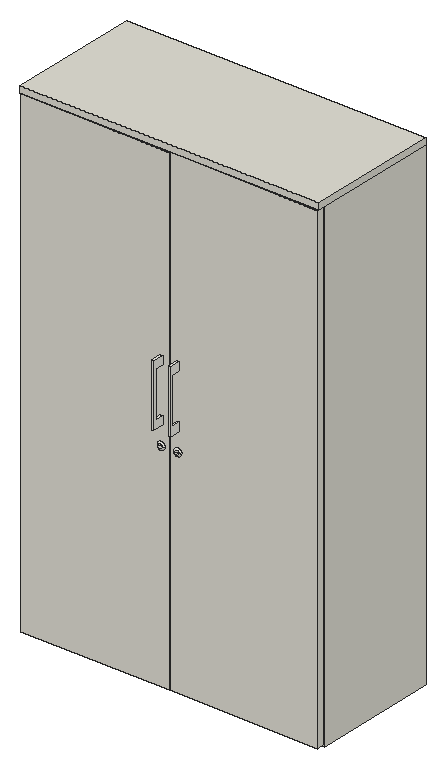
Revit family "Haworth_BeHold_StackOnStorage", category Furniture Systems, Revit 2018
Family settings
  Round Connector Dimension = Use Diameter
  Part Type = Normal
  OmniClass Number = 23.40.70.14.64.21
  OmniClass Title = Systems Furniture
  Work Plane-Based = No
  Always vertical = Yes
  Cut with Voids When Loaded = No
  Shared = No
  Room Calculation Point = No
Parameters (values of type "59h 36w")
  Wing Pull = no
  Width = 36.00"
  Warranty = "http://www.haworth.com/resources/product-info/warranties"
  URL - Product = ""
  URL = "www.haworth.com"
  Sustainability Info = "https://www.haworth.com/company-info/sustainability"
  Standard Widths = "18-36 in. @ 6 in. increments"  # constant formula
  Standard Height = "20-59 in."  # constant formula
  Size = "Verify Final Dim. w/ Haworth"  # constant formula
  Single Door = no
  Shelf Width = Actual Width - (Panel Thickness * 2)  # 34.50"
  Shelf Height 3 = if(Actual Height < 28.00", 15.25", if(Actual Height < 36.00", 15.25", if(Actual Height < 44.00", 15.25", if(Actual Height < 52.00", 15.25", 15.25"))))  # 15.25"
  Shelf Height 2 = if(Actual Height = 36.00", 15.25", if(Actual Height = 43.00", 11.94", if(Actual Height < 54.00", 15.25", 11.94")))  # 11.94"
  Shelf Height 1 = if(Actual Height < 24.00", 3.63", if(Actual Height < 30.00", 10.44", if(Actual Height < 36.00", 18.44", if(Actual Height < 43.00", 12.75", if(Actual Height = 44.00", 10.44", if(Actual Height < 54.00", 18.44", 12.75"))))))  # 12.75"
  Shelf Depth = Actual Depth - Panel Thickness  # 15.25"
  Revision Number = "1"  # constant formula
  Pull Height = if(Height < 27.00", 10.00", 32.00")  # 32.00"
  Pull Finish = Haworth _ Paint _ Smooth Plaster
  Proud Style = not(Inset Style)  # no
  Panel Thickness = 0.75"  # constant formula
  No Pull = no
  Mounting Height = 22.00"
  Model = "Haworth Be_Hold"  # constant formula
  Min. Width = 18.00"  # constant formula
  Min. Height = 20.00"  # constant formula
  Max. Width = 36.00"  # constant formula
  Max. Height = 59.00"  # constant formula
  Manufacturer = "Haworth"  # constant formula
  Lock Height = if(Height < 27.00", 5.00", 26.00")  # 26.00"
  Linear Pull = yes
  Inset Style Width = Actual Depth - 0.19"  # 15.81"
  Inset Style = yes
  Height = 59.00"
  Double Doors = not(Single Door)  # yes
  Single Door Width = Actual Width  # 36.00"
  Double Door Width = (Actual Width - 0.25") / 2  # 17.875"
  Door Height = Actual Height - 1.05"  # 57.95"
  Description = "Haworth - Be_Hold - Upper Storage - Stack on Bookcase"
  Custom Size = not(and(or(Height = 20.00", Height = 27.00", Height = 28.00", Height = 35.00", Height = 36.00", Height = 43.00", Height = 44.00", Height = 51.00", Height = 52.00", Height = 59.00")))  # no
  Cresent Pull = no
  Classic Pull = no
  Cabinet Finish = Haworth _ Laminate _ Beige H-34
  Blade Pull = not(or(Linear Pull, Classic Pull, Wing Pull, Cresent Pull, No Pull))  # no
  Base Height = 0.75"  # constant formula
  Author = "Haworth (Abd Rahman)"  # constant formula
  Assembly Code = "E2020200"
  Actual Width = if(Width < Min. Width, Min. Width, if(Width > Max. Width, Max. Width, Width))  # 36.00"
  Actual Shelf 3 = Actual Height > 52.00"  # yes
  Actual Shelf 2 = Actual Height > 35.00"  # yes
  Actual Shelf 1 = Actual Height < 60.00"  # yes
  Actual Height = if(Height > Max. Height, Max. Height, if(Height < Min. Height, Min. Height, Height))  # 59.00"
  Actual Depth = 16.00"  # constant formula
  Standard Depths = "16"  # constant formula
Types (2): name | Width | Single Door | Shelf Width | Double Doors | Single Door Width | Double Door Width | Actual Width
  59h 36w | 36.00" | no | 34.50" | yes | 36.00" | 17.875" | 36.00"
  59h 18w | 18.00" | yes | 16.50" | no | 18.00" | 8.875" | 18.00"
Reference planes (in)
  plane 1: z = 0
  plane 2 "Center L/R": x = -6.17556
  plane 3 "Center F/B": y = -11.5
  plane 4 "Top": z = 22
  plane 5 "Back": y = -3.5
  plane 6 "Front": y = -19.5
  plane 7 "Right": x = 11.82444
  plane 8 "Left": x = -24.17556
  plane 9: z = 81
  plane 10: x = 11.07444
  plane 11: x = -23.42556
  plane 12: z = 80.25
  plane 13: z = 22.75
  plane 14: y = -4.25
  plane 15: z = 64.94
  plane 16: z = 48.94
  plane 17: z = 36.25
  plane 18: z = 35.5
  plane 19: z = 48.19
  plane 20: z = 64.19
  plane 21: y = -3.6875
  plane 22: y = -18.72441
  plane 23: z = 80.125
  plane 24: z = 22.165
Forms (in)
  Extrusion 1, solid, material "Haworth _ Laminate _ Beige H-34" <- "Cabinet Finish"
    sketch origin (0, 0, 0) x (1, 0, 0) y (0, 1, 0)
      loop
        line (-24.17556, -3.5) -> (-24.17556, -18.72441) -> (-23.42556, -18.72441) -> (-23.42556, -3.5) -> (-24.17556, -3.5)
      loop
        line (11.82444, -18.72441) -> (11.82444, -3.5) -> (11.07444, -3.5) -> (11.07444, -18.72441) -> (11.82444, -18.72441)
    from 22 to 80.25
  Extrusion 2, solid, material "Haworth _ Laminate _ Beige H-34" <- "Cabinet Finish", visible <- "Proud Style"
    sketch origin (7, -12, 0) x (1, 0, 0) y (0, 1, 0)
      loop
        line (-30.42556, 8.5) -> (-30.42556, -6.72441) -> (4.07444, -6.72441) -> (4.07444, 8.5) -> (-30.42556, 8.5)
    from 80.25 to 81
  Extrusion 3, solid, material "Haworth _ Laminate _ Beige H-34" <- "Cabinet Finish"
    sketch origin (0, 0, -58.25) x (1, 0, 0) y (0, 1, 0)
      loop
        line (-24.17556, -3.6875) -> (-24.17556, -18.72441) -> (11.82444, -18.72441) -> (11.82444, -3.6875) -> (-24.17556, -3.6875)
    from 80.25 to 81
  Extrusion 4, solid, material "Haworth _ Laminate _ Beige H-34" <- "Cabinet Finish", visible <- "Proud Style"
    sketch origin (-17.1098, 32.76663, 0) x (1, 0, 0) y (0, 1, 0)
      loop
        line (-6.31576, -36.26663) -> (-6.31576, -37.01663) -> (28.18424, -37.01663) -> (28.18424, -36.26663) -> (-6.31576, -36.26663)
    from 22 to 80.25
  Extrusion 5, solid, material "Haworth _ Laminate _ Beige H-34" <- "Cabinet Finish"
    sketch origin (0, -0.375, 0) x (1, 0, 0) y (0, 1, 0)
      loop
        line (-23.42556, -3.3125) -> (-23.42556, -4.0625) -> (11.07444, -4.0625) -> (11.07444, -3.3125) -> (-23.42556, -3.3125)
    from 22 to 80.25
  Extrusion 6, solid, material "Haworth _ Laminate _ Beige H-34" <- "Cabinet Finish"
    sketch origin (7, -12, 6) x (1, 0, 0) y (0, 1, 0)
      loop
        line (-31.17556, 8.5) -> (-31.17556, -7.5) -> (4.82444, -7.5) -> (4.82444, 8.5) -> (-31.17556, 8.5)
    from 74.25 to 75
Cuts and joins
  joined: Extrusion 1, Extrusion 3, Extrusion 5
Lines and regions (in)
  Masking region 1, visible <- "Proud Style"
    outline origin (0, 0, 0) x (1, 0, 0) y (0, 1, 0)
      loop
        line (-24.17556, -3.5) -> (-24.17556, -18.72441) -> (11.82444, -18.72441) -> (11.82444, -3.5) -> (-24.17556, -3.5)
  Masking region 2, visible <- "Inset Style"
    outline origin (0, 0, 0) x (1, 0, 0) y (0, 1, 0)
      loop
        line (11.82444, -19.5) -> (11.82444, -3.5) -> (11.07444, -3.5) -> (11.07444, -3.6875) -> (-23.42556, -3.6875) -> (-23.42556, -3.5) -> (-24.17556, -3.5) -> (-24.17556, -19.5) -> (11.82444, -19.5)
      loop
        line (-23.42556, -4.25) -> (-23.42556, -19.125) -> (11.07444, -19.125) -> (11.07444, -4.25) -> (-23.42556, -4.25)
  symbolic lines, style "Haworth", visible <- "Proud Style"
    curve 1: line (-23.42556, -3.875, 0) -> (11.07444, -3.875, 0)
    curve 2: line (-23.42556, -19.125, 0) -> (-23.42556, -3.875, 0)
    curve 3: line (11.07444, -19.125, 0) -> (-23.42556, -19.125, 0)
    curve 4: line (11.07444, -3.875, 0) -> (11.07444, -19.125, 0)
    curve 5: line (-23.42556, -3.5, 0) -> (-23.42556, -3.875, 0)
    curve 8: line (11.07444, -3.875, 0) -> (11.07444, -3.5, 0)
  symbolic lines, style "Haworth"
    curve 6: line (-23.42556, -19.125, 0) -> (-23.42556, -19.5, 0)
    curve 7: line (11.07444, -19.125, 0) -> (11.07444, -19.5, 0)
  symbolic lines, style "Haworth", visible <- "Inset Style"
    curve 9: line (-23.42556, -3.6875, 0) -> (-23.42556, -4.4375, 0)
    curve 10: line (11.07444, -3.6875, 0) -> (11.07444, -4.4375, 0)
Dimensions and locks (in)
  equal spacing: plane 8 "Left", plane 2 "Center L/R", plane 7 "Right"
  "Actual Width": plane 8 "Left" to plane 7 "Right"
  equal spacing: plane 5 "Back", plane 3 "Center F/B", plane 6 "Front"
  "Actual Depth": plane 5 "Back" to plane 6 "Front"
  "Actual Height": plane 9 to plane 4 "Top"
  "Mounting Height": plane 4 "Top" to level
  "Panel Thickness": plane 9 to plane 12
  "Base Height": plane 13 to plane 4 "Top"
  "Panel Thickness": plane 10 to plane 7 "Right"
  "Panel Thickness": plane 8 "Left" to plane 11
  "Panel Thickness": plane 14 to plane 5 "Back"
  "Shelf Height 1": plane 18 to plane 13
  "Shelf Height 2": plane 19 to plane 17
  "Shelf Height 3": plane 20 to plane 16
  locked: plane 15 to plane 20 at 0.75
  locked: plane 16 to plane 19 at 0.75
  locked: plane 17 to plane 18 at 0.75
  plane 12 to plane 23 = 0.125"
  plane 24 to plane 4 "Top" = 0.165"
  aligned and locked: plane 2 "Center L/R" to nested 1
  aligned and locked: plane 3 "Center F/B" to nested 1
  aligned and locked: plane 2 "Center L/R" to nested 2
  aligned and locked: plane 3 "Center F/B" to nested 2
  aligned and locked: plane 2 "Center L/R" to nested 3
  aligned and locked: plane 3 "Center F/B" to nested 3
  aligned and locked: plane 17 to nested 1
  aligned and locked: plane 16 to nested 3
  aligned and locked: plane 15 to nested 2
  aligned and locked: nested 1 to plane 18
  aligned and locked: nested 1 to plane 17
  aligned and locked: nested 3 to plane 19
  aligned and locked: nested 3 to plane 16
  aligned and locked: nested 2 to plane 20
  aligned and locked: nested 2 to plane 15
  aligned and locked: Extrusion 1 sketch curve to plane 7 "Right"
  aligned and locked: Extrusion 1 sketch curve to plane 5 "Back"  (x2)
  aligned and locked: plane 10 to Extrusion 1 sketch curve
  aligned and locked: plane 8 "Left" to Extrusion 1 sketch curve
  aligned and locked: plane 11 to Extrusion 1 sketch curve
  aligned and locked: Extrusion 2 to plane 9
  aligned and locked: Extrusion 2 to plane 12
  aligned and locked: Extrusion 1 to plane 4 "Top"
  aligned and locked: Extrusion 3 to plane 13
  aligned and locked: Extrusion 3 to plane 4 "Top"
  aligned and locked: plane 12 to Extrusion 5
  aligned and locked: plane 12 to Extrusion 4
  aligned and locked: plane 21 to Extrusion 5
  aligned and locked: Extrusion 2 sketch curve to plane 11
  aligned and locked: Extrusion 2 sketch curve to plane 10
  aligned and locked: plane 5 "Back" to Extrusion 2
  aligned and locked: Extrusion 6 to plane 12
  aligned and locked: Extrusion 6 to plane 9
  aligned and locked: plane 5 "Back" to Extrusion 6
  aligned and locked: Extrusion 3 sketch curve to plane 21
  aligned and locked: Extrusion 4 to plane 4 "Top"
  aligned and locked: Extrusion 5 to plane 4 "Top"
  aligned and locked: plane 10 to Extrusion 4
  aligned and locked: plane 11 to Extrusion 4
  aligned and locked: Masking region 1 sketch curve to cut or joined group of Extrusion 1, Extrusion 3, Extrusion 5  (x4)
  aligned and locked: curve 1 to nested 1
  aligned and locked: curve 2 to nested 1
  aligned and locked: curve 3 to nested 1
  aligned and locked: curve 4 to nested 1
  aligned and locked: curve 5 to cut or joined group of Extrusion 1, Extrusion 3, Extrusion 5
  aligned and locked: Masking region 2 sketch curve to cut or joined group of Extrusion 1, Extrusion 3, Extrusion 5  (x2)
  aligned and locked: Masking region 2 sketch curve to plane 21
  aligned and locked: plane 11 to curve 9
  aligned and locked: curve 7 to plane 10
  aligned and locked: curve 10 to plane 10
  aligned and locked: plane 5 "Back" to Masking region 2  (x2)
  aligned and locked: cut or joined group of Extrusion 1, Extrusion 3, Extrusion 5 to plane 8 "Left"
  aligned and locked: plane 7 "Right" to cut or joined group of Extrusion 1, Extrusion 3, Extrusion 5
  aligned and locked: Masking region 2 to plane 6 "Front"
  aligned and locked: plane 6 "Front" to nested 4
  aligned and locked: Extrusion 1 sketch curve to plane 22  (x2)
  aligned and locked: plane 12 to cut or joined group of Extrusion 1, Extrusion 3, Extrusion 5
  aligned and locked: plane 8 "Left" to Extrusion 6 sketch curve
  aligned and locked: Extrusion 6 sketch curve to plane 7 "Right"
  aligned and locked: nested 6 to plane 6 "Front"
  aligned and locked: plane 6 "Front" to nested 5
  aligned and locked: plane 22 to cut or joined group of Extrusion 1, Extrusion 3, Extrusion 5
  aligned and locked: plane 2 "Center L/R" to nested 6
  aligned and locked: plane 24 to nested 5
  aligned and locked: plane 2 "Center L/R" to nested 4
  aligned and locked: plane 2 "Center L/R" to nested 5
  aligned and locked: nested 6 to plane 23  (x2)
  aligned and locked: plane 23 to nested 4
Automatic sketch dimensions
  plane 6 "Front" to Extrusion 3 sketch curve = 0.77559"
  Extrusion 3 sketch curve to plane 8 "Left" = 0.00"
  Extrusion 3 sketch curve to plane 7 "Right" = 0.00"
  curve 7 to plane 6 "Front" = 0.00"
  curve 6 to plane 6 "Front" = 0.00"
  curve 10 to plane 21 = 0.00"
  curve 9 to plane 21 = 0.00"
  curve 8 to plane 5 "Back" = 0.00"
  curve 5 to plane 5 "Back" = 0.00"
  plane 14 to curve 9 = 0.1875"
  plane 14 to curve 10 = 0.1875"
  Extrusion 2 sketch curve to plane 5 "Back" = 0.00"
  Extrusion 4 sketch curve to plane 11 = 0.00"
  Extrusion 4 sketch curve to plane 10 = 0.00"
  plane 14 to Extrusion 4 sketch curve = 0.00"
  Extrusion 4 sketch curve to plane 5 "Back" = 0.00"
  Extrusion 5 sketch curve to plane 11 = 0.00"
  Extrusion 5 sketch curve to plane 10 = 0.00"
  Extrusion 5 sketch curve to plane 21 = 0.00"
  plane 14 to Extrusion 5 sketch curve = 0.1875"
  Extrusion 6 sketch curve to plane 6 "Front" = 0.00"
  Extrusion 6 sketch curve to plane 5 "Back" = 0.00"
  Masking region 2 sketch curve to plane 11 = 0.00"  (x2)
  Masking region 2 sketch curve to plane 10 = 0.00"  (x2)
  plane 14 to Masking region 2 sketch curve = 0.00"
  plane 5 "Back" to Masking region 2 sketch curve = 0.00"
  Masking region 2 sketch curve to plane 5 "Back" = 0.00"
  plane 6 "Front" to Masking region 2 sketch curve = 0.375"
  plane 22 to Extrusion 2 sketch curve = 0.00"
  Masking region 2 sketch curve to plane 6 "Front" = 0.00"
Nested families (in)
  nested 1: "Haworth_Shelf" at (-14.42556, -15.75, 35.5), type "Haworth_Shelf"
    with Shelf Depth 15.25"
  nested 2: "Haworth_Shelf" at (-14.42556, -15.75, 64.19), visible <- "Actual Shelf 3", type "Haworth_Shelf"
    with Shelf Depth 15.25"
  nested 3: "Haworth_Shelf" at (-14.42556, -15.75, 48.19), visible <- "Actual Shelf 2", type "Haworth_Shelf"
    with Shelf Depth 15.25"
  nested 4: "Haworth_BeHold_Door_Hinged_PART" at (1.58174, -19.09476, 22.175), visible <- "Double Doors", type "Door - Double"
    with Wing Pull Act no, Wing Pull no, Lock Top Offset 26.00", Lock Side Offset 1.00", Linear Pull Act yes, Linear Pull yes, Pull Offset Centerline 1.00", Pull Height Centerline 32.00", Door Width 17.875", Door Height 57.95"
  nested 5: "Haworth_BeHold_Door_Hinged_PART" at (-13.93285, -19.09476, 22.165) x (-1, 0, 0) z (0, 0, 1), visible <- "Double Doors", type "Door - Double"
    with Wing Pull Act no, Wing Pull no, Lock Top Offset 26.00", Lock Side Offset 1.00", Linear Pull Act yes, Linear Pull yes, Pull Offset Centerline 1.00", Pull Height Centerline 32.00", Door Width 17.875", Door Height 57.95"
  nested 6: "Haworth_BeHold_Door_Hinged_PART" at (-4.99535, -19.09476, 22.175) x (-1, 0, 0) z (0, 0, 1), visible <- "Single Door", type "Door"
    with Wing Pull Act no, Wing Pull no, Lock Top Offset 26.00", Lock Side Offset 1.00", Linear Pull Act yes, Linear Pull yes, Pull Offset Centerline 1.00", Pull Height Centerline 32.00", Door Width 36.00", Door Height 57.95"
Definition of nested family "Haworth_Shelf"
  Parameters (values of type "Haworth_Shelf")
    Warranty = ""
    URL - Product = ""
    URL = "www.haworth.com"
    Sustainability Info = ""
    Size = "Verify Final Dim. w/ Haworth"  # constant formula
    Shelf Width = 34.50"
    Shelf Thickness = 0.75"
    Shelf Finish = none
    Shelf Depth = 13.25"
    Revision Number = ""
    OmniClass Number = ""
    Material Options = ""
    Manufacturer = "Haworth"  # constant formula
    LEED Data = ""
    Author = "SHAPE Environments, LLC"  # constant formula
    Assembly Code = ""
  Reference planes (in)
    plane 1 "Center F/B": y = 4.25
    plane 2: z = 0
    plane 3 "Center L/R": x = 8.25
    plane 4 "Panel Left": x = -9
    plane 5 "Panel Right": x = 25.5
    plane 6 "Panel Back": y = 10.875
    plane 7 "Panel Front": y = -2.375
    plane 8 "Panel Top": z = 0.75
    plane 9 "Center (T/B)": z = 0.375
  Forms (in)
    Extrusion 1, solid, material <- "Shelf Finish"
      sketch origin (0, 0, 0) x (1, 0, 0) y (0, 1, 0)
        loop
          line (-9, 10.875) -> (-9, -2.375) -> (25.5, -2.375) -> (25.5, 10.875) -> (-9, 10.875)
      from 0 to 0.75
  Dimensions and locks (in)
    equal spacing: plane 6 "Panel Back", plane 1 "Center F/B", plane 7 "Panel Front"
    "Shelf Depth": plane 6 "Panel Back" to plane 7 "Panel Front"
    equal spacing: plane 4 "Panel Left", plane 3 "Center L/R", plane 5 "Panel Right"
    "Shelf Width": plane 4 "Panel Left" to plane 5 "Panel Right"
    "Shelf Thickness": plane 8 "Panel Top" to level
    equal spacing: plane 8 "Panel Top", plane 9 "Center (T/B)", level
    aligned and locked: plane 4 "Panel Left" to Extrusion 1 sketch curve
    aligned and locked: Extrusion 1 sketch curve to plane 6 "Panel Back"
    aligned and locked: Extrusion 1 sketch curve to plane 7 "Panel Front"
    aligned and locked: Extrusion 1 sketch curve to plane 5 "Panel Right"
    aligned and locked: plane 8 "Panel Top" to Extrusion 1
Definition of nested family "Haworth_BeHold_Door_Hinged_PART"
  Parameters (values of type "Door")
    With Lock [instance] = yes
    Wing Pull Length = 16.75"
    Wing Pull Act = and(Wing Pull, not(Touch Latch))  # yes
    Wing Pull = yes
    Warranty = "https://www.haworth.com/resources/product-info/warranties"
    URL - Product = ""
    URL = "www.haworth.com"
    Trim Finish = none
    Touch Latch = no
    Revision Number = "1"  # constant formula
    Pull Finish = none
    Note = "Verify Final Dim. w/ Haworth"  # constant formula
    Model = "Haworth Be_Hold"  # constant formula
    Lock Top Offset = 29.1875"
    Lock Side Offset = 2.3125"
    Linear Pull Length = 7.50"
    Linear Pull Act = and(Linear Pull, not(Touch Latch))  # no
    Linear Pull = no
    Front Finish = none
    Front Edge Finish = none
    Description = "Haworth - Be_Hold - Door Part"
    Crescent Pull Act = and(Crescent Pull, not(Touch Latch))  # no
    Crescent Pull = no
    Classic Pull Length = 7.50"
    Classic Pull = no
    Classic Pull Act = and(Classic Pull, not(Touch Latch))  # no
    Assembly Code = ""
    Pull Offset Centerline = 0.00"
    Pull Height Centerline = 31.35547"
    Door Width = 11.875"
    Door Height = 62.71094"
    Door Depth = 0.75"
    Manufacturer = "Haworth"  # constant formula
    Author = "Haworth (Alias)"  # constant formula
  Reference planes (in)
    plane 1 "Center F/B": y = -0.03024
    plane 2: z = 0
    plane 3 "Center L/R": x = 1.1802
    plane 4 "Left": x = -4.7573
    plane 5 "Right": x = 7.1177
    plane 6 "Back": y = 0.34476
    plane 7 "Front": y = -0.40524
    plane 8 "Top": z = 62.71094
    plane 9 "Pull Offset": x = -4.7573
    plane 10 "Pull Height": z = 31.35547
    plane 11 "Lock Vertical": x = -2.4448
    plane 12 "Lock Horizontal": z = 29.1875
    plane 13 "Swing Symbol": y = -3.40524
  Forms (in)
    Extrusion 1, solid, material <- "Front Finish"
      sketch origin (0, -0.03024, 0) x (1, 0, 0) y (0, 0, 1)
        loop
          line (-4.7573, 62.71094) -> (-4.7573, 0) -> (7.1177, 0) -> (7.1177, 62.71094) -> (-4.7573, 62.71094)
      from -0.375 to 0.375
    Revolve 2, solid, material <- "Trim Finish", visible <- "With Lock"
      sketch origin (0, 0, 29.1875) x (0, -1, 0) y (1, 0, 0)
        loop
          line (0.40524, -2.4448) -> (0.53025, -2.4448) -> (0.53025, -2.13233)
          arc (0.53025, -2.13233) -> (0.49364, -2.04391) -> (0.40524, -2.00727) r 0.12506
          line (0.40524, -2.00727) -> (0.40524, -2.4448)
        axis (0.40524, -2.4448) -> (0.53025, -2.4448)
      angle from 0 to 360
  Lines and regions (in)
    Masking region 1
      outline origin (0, 0, 0) x (1, 0, 0) y (0, 1, 0)
        loop
          line (-4.7573, 0.34476) -> (-4.7573, -0.40524) -> (7.1177, -0.40524) -> (7.1177, 0.34476) -> (-4.7573, 0.34476)
    symbolic lines, detail levels fine
      curve 1: line (-4.7573, -0.40524, 62.71094) -> (7.1177, -0.40524, 31.35547)
      curve 2: line (7.1177, -0.40524, 31.35547) -> (-4.7573, -0.40524, 0)
    symbolic lines, not visible, detail levels fine
      curve 3: arc (-4.7573, -0.40524, 29.1875) -> (-4.6606, -1.91755, 29.1875) -> (-4.3721, -3.40524, 29.1875) r 11.875
    symbolic lines, detail levels medium+fine
      curve 4: line (7.1177, -0.40524, 29.1875) -> (-4.3721, -3.40524, 29.1875)
  Dimensions and locks (in)
    "Door Height": plane 8 "Top" to level
    equal spacing: plane 6 "Back", plane 1 "Center F/B", plane 7 "Front"
    "Door Depth": plane 6 "Back" to plane 7 "Front"
    equal spacing: plane 4 "Left", plane 3 "Center L/R", plane 5 "Right"
    "Door Width": plane 4 "Left" to plane 5 "Right"
    "Pull Offset Centerline": plane 9 "Pull Offset" to plane 4 "Left"
    "Pull Height Centerline": plane 10 "Pull Height" to level
    equal spacing: plane 8 "Top", curve 2, plane 2
    "Lock Side Offset": plane 4 "Left" to plane 11 "Lock Vertical"
    locked: Revolve 2 sketch curve to plane 7 "Front" at 0.12502
    locked: plane 11 "Lock Vertical" to Revolve 2 sketch curve at 0.43753
    "Lock Top Offset": plane 12 "Lock Horizontal" to plane 2
    locked: plane 13 "Swing Symbol" to plane 7 "Front" at 3
    "Door Width": radius of curve 3
    aligned and locked: plane 4 "Left" to Extrusion 1 sketch curve
    aligned and locked: Extrusion 1 sketch curve to plane 5 "Right"
    aligned and locked: Extrusion 1 sketch curve to plane 8 "Top"
    aligned and locked: level to Extrusion 1 sketch curve
    aligned and locked: plane 6 "Back" to Extrusion 1
    aligned and locked: Extrusion 1 to plane 7 "Front"
    aligned and locked: Extrusion 1 to plane 4 "Left"
    aligned and locked: plane 9 "Pull Offset" to nested 1
    aligned and locked: plane 10 "Pull Height" to nested 1
    aligned and locked: nested 1 to plane 7 "Front"
    aligned and locked: plane 11 "Lock Vertical" to Revolve 2 sketch curve  (x2)
    aligned and locked: plane 7 "Front" to Revolve 2 sketch curve
    aligned and locked: plane 5 "Right" to curve 3
    aligned and locked: plane 7 "Front" to curve 3
    aligned and locked: plane 5 "Right" to curve 4
    aligned and locked: plane 13 "Swing Symbol" to curve 4
  Automatic sketch dimensions
    Masking region 1 sketch curve to plane 5 "Right" = 0.00"
    curve 1 to plane 5 "Right" = 0.00"
    curve 1 to plane 4 "Left" = 0.00"
    curve 2 to level = 0.00"
    curve 2 to plane 4 "Left" = 0.00"
    curve 1 to plane 8 "Top" = 0.00"
    Masking region 1 sketch curve to plane 4 "Left" = 0.00"
    Masking region 1 sketch curve to plane 7 "Front" = 0.00"
    Masking region 1 sketch curve to plane 6 "Back" = 0.00"
    plane 7 "Front" to Revolve 2 sketch curve = 0.00004"
    plane 6 "Back" to Revolve 2 sketch curve = 0.75"
    Revolve 2 sketch curve to Revolve 2 sketch curve = 1.62498"
    curve 4 to plane 7 "Front" = 0.00"
  Nested families (in)
    nested 1: "Haworth_DoorHinged-Pulls_PART" at (-3.47415, -0.375, 31.35547), type "Pull"
      with Wing Pull Length 16.75", Wing yes, Linear Pull Length 7.50", Classic Pull Length 7.50", Classic no
  Definition of nested family "Haworth_DoorHinged-Pulls_PART"
    Parameters (values of type "Pull")
      Working Distance = 0.00"  # constant formula
      Wing Pull Length = 8.31"
      Wing = no
      Warranty = "https://www.haworth.com/resources/product-info/warranties"
      URL - Product = ""
      URL = "www.haworth.com"
      Trim Finish = none
      Revision Number = "1"  # constant formula
      Model = "Haworth Be_Hold"  # constant formula
      Manufacturer = "Haworth"  # constant formula
      Linear Pull Length = 7.13"
      Linear = no
      Description = "Haworth - Be_Hold - Door Pulls"
      Cresent = no
      Classic Pull Length = 8.00"
      Classic = yes
      Author = "Haworth (Alias)"  # constant formula
      Assembly Code = ""
    Reference planes (in)
      plane 1 "Center F/B": y = -0.03024
      plane 2 "Center": z = 0
      plane 3 "Center L/R": x = -1.28314
      plane 4 "Right": x = -0.78314
      plane 5 "Left": x = -1.78314
      plane 6 "cresent": x = -1.28314
      plane 7 "classic": x = -1.28314
      plane 8 "linear": x = -1.28314
      plane 9 "Top linear": z = 3.565
      plane 10 "Bottom linear": z = -3.565
      plane 11 "Top classic": z = 4
      plane 12 "Bottom classic": z = -4
      plane 13 "Top wing": z = 4.155
      plane 14 "Bottom wing": z = -4.155
      plane 15 "wing": x = -1.28314
    Forms (in)
      Extrusion 1, solid, material <- "Trim Finish", visible <- "Linear"
        sketch origin (-1.28314, 0, 0) x (0, 0, 1) y (0, -1, 0)
          loop
            line (3.565, 0.03024) -> (3.565, 1.28024) -> (-3.565, 1.28024) -> (-3.565, 0.03024) -> (-2.565, 0.03024) -> (-2.565, 1.03023) -> (2.565, 1.03023) -> (2.565, 0.03024) -> (3.565, 0.03024)
        from 0.125 to -0.125
      Extrusion 2, solid, material <- "Trim Finish", visible <- "Classic"
        sketch origin (-6.90814, -0.03024, 11.41861) x (0, 0, -1) y (1, 0, 0)
          loop
            line (7.41861, 6) -> (7.41861, 5.25)
            arc (7.41861, 5.25) -> (7.79361, 5.625) -> (7.41861, 6) r 0.375
        from 0 to 1
      Extrusion 3, solid, material <- "Trim Finish", visible <- "Classic"
        sketch origin (-6.90814, -0.03024, -4.625) x (0, 0, 1) y (-1, 0, 0)
          loop
            arc (0.625, -6) -> (1, -5.625) -> (0.625, -5.25) r 0.375
            line (0.625, -5.25) -> (0.625, -6)
        from 0 to 1
      Extrusion 4, solid, material <- "Trim Finish", visible <- "Classic"
        sketch origin (-6.90814, -0.03024, 11.41861) x (0, 0, -1) y (1, 0, 0)
          loop
            line (7.41861, 6) -> (7.41861, 5.25) -> (15.41861, 5.25) -> (15.41861, 6) -> (7.41861, 6)
        from 1 to 1.25
      Sweep 5, solid, material <- "Trim Finish", visible <- "Cresent"
        path origin (-1.28314, 0, 0) x (0, 1, 0) y (0, 0, 1)
          loop
            arc (-0.03024, 3.71234) -> (-1.24998, 0.00302) -> (-0.03024, -3.7063) r 6.25
        profile origin (-1.28314, -1.24998, 0.00302) x (1, 0, 0) y (0, 1, 0)
          loop
            circle (0, 0.125) r 0.125
      Extrusion 6, void
        sketch origin (-1.28314, 0, 0) x (0, 0, 1) y (0, -1, 0)
          loop
            line (3.79042, 0.03024) -> (-3.84035, 0.03024) -> (-3.84035, -0.32073) -> (3.79042, -0.32073) -> (3.79042, 0.03024)
        from 0.25 to -0.25
      Sweep 7, solid, material <- "Trim Finish", visible <- "Wing"
        path origin (0, -0.03024, 0) x (1, 0, 0) y (0, 0, 1)
          loop
            line (-1.28314, 4.155) -> (-1.28314, -4.155)
        profile origin (-1.28314, -0.03024, 0) x (0, -1, 0) y (1, 0, 0)
          loop
            line (0, 0) -> (0.79582, 0.27233)
            arc (0.79582, 0.27233) -> (0.85479, 0.40775) -> (0.71462, 0.45433) r 0.10005
            line (0.71462, 0.45433) -> (0, 0.055) -> (0, 0)
      Extrusion 8, void
        sketch origin (-1.28314, 0, 0) x (0, 0, -1) y (0, -1, 0)
          loop
            line (-4.155, 0.03024) -> (-3.77556, 1.07274) -> (-4.155, 1.07274) -> (-4.155, 0.03024)
          loop
            line (4.155, 0.03024) -> (4.155, 1.07274) -> (3.77556, 1.07274) -> (4.155, 0.03024)
        from -0.5 to 0.5
    Cuts and joins
      Extrusion 6 cuts Extrusion 2
      Extrusion 6 cuts Extrusion 3
      Extrusion 6 cuts Extrusion 4
      joined: Extrusion 2, Extrusion 3, Extrusion 4
      Extrusion 6 cuts Extrusion 1
      Extrusion 6 cuts Sweep 5
      Extrusion 8 cuts Sweep 7
    Lines and regions (in)
      symbolic lines, detail levels fine
        curve 1: line (-1.40814, -0.03024, 0) -> (-1.15848, -0.03024, 0)
    Dimensions and locks (in)
      equal spacing: plane 4 "Right", plane 3 "Center L/R", plane 5 "Left"
      locked: plane 4 "Right" to plane 5 "Left" at 1
      cut or joined group of Extrusion 2, Extrusion 3, Extrusion 4, Extrusion 6 to plane 7 "classic" to cut or joined group of Extrusion 2, Extrusion 3, Extrusion 4, Extrusion 6 = 0.375" locked, 0.375" locked
      locked: Extrusion 6 sketch curve to plane 9 "Top linear" at 0.22542
      locked: plane 10 "Bottom linear" to Extrusion 6 sketch curve at 0.27535
      "Working Distance": plane 3 "Center L/R" to plane 7 "classic"
      "Working Distance": plane 3 "Center L/R" to plane 6 "cresent"
      "Working Distance": plane 3 "Center L/R" to plane 8 "linear"
      locked: plane 9 "Top linear" to Extrusion 1 sketch curve at 1
      locked: plane 10 "Bottom linear" to Extrusion 1 sketch curve at 1
      equal spacing: plane 9 "Top linear", plane 2 "Center", plane 10 "Bottom linear"
      "Linear Pull Length": plane 9 "Top linear" to plane 10 "Bottom linear"
      equal spacing: plane 11 "Top classic", plane 2 "Center", plane 12 "Bottom classic"
      "Classic Pull Length": plane 11 "Top classic" to plane 12 "Bottom classic"
      equal spacing: plane 14 "Bottom wing", plane 2 "Center", plane 13 "Top wing"
      "Wing Pull Length": plane 13 "Top wing" to plane 14 "Bottom wing"
      "Working Distance": plane 3 "Center L/R" to plane 15 "wing"
      locked: Extrusion 8 sketch curve to plane 1 "Center F/B" at 1.0425  (x2)
      locked: plane 13 "Top wing" to Extrusion 8 sketch curve at 0.37944
      locked: plane 14 "Bottom wing" to Extrusion 8 sketch curve at 0.37944
      locked: Extrusion 8 to plane 15 "wing" at 0.5
      locked: plane 15 "wing" to Extrusion 8 at 0.5
      aligned: Extrusion 1 to plane 1 "Center F/B"  (x2)
      aligned and locked: level to plane 2 "Center"
      aligned and locked: plane 6 "cresent" to Sweep 5 sketch curve
      aligned and locked: Extrusion 1 sketch curve to plane 9 "Top linear"
      aligned and locked: plane 10 "Bottom linear" to Extrusion 1 sketch curve
      aligned and locked: plane 1 "Center F/B" to curve 1
      aligned and locked: Extrusion 4 sketch curve to plane 11 "Top classic"
      aligned and locked: plane 12 "Bottom classic" to Extrusion 4 sketch curve
      aligned and locked: plane 11 "Top classic" to Extrusion 2 sketch curve  (x2)
      aligned and locked: plane 7 "classic" to Extrusion 2 sketch curve
      aligned and locked: plane 7 "classic" to Extrusion 3 sketch curve
      aligned and locked: plane 12 "Bottom classic" to Extrusion 3 sketch curve  (x2)
      aligned and locked: plane 15 "wing" to Sweep 7 sketch curve
      aligned and locked: plane 14 "Bottom wing" to Sweep 7 sketch curve
      aligned and locked: plane 13 "Top wing" to Sweep 7 sketch curve
      aligned and locked: plane 13 "Top wing" to Extrusion 8 sketch curve
      aligned and locked: Extrusion 8 sketch curve to plane 14 "Bottom wing"
    Automatic sketch dimensions
      Sweep 5 sketch curve to plane 1 "Center F/B" = 0.00"  (x2)
      level to Sweep 5 sketch curve = 0.00302"
      Sweep 5 sketch curve to plane 1 "Center F/B" = 5.03025"
      Sweep 5 sketch curve to profile plane = 0.125"
      Sweep 5 sketch curve to level = 3.7063"
      Extrusion 6 sketch curve to plane 1 "Center F/B" = 0.00"
      Extrusion 6 sketch curve to plane 1 "Center F/B" = 0.35096"
      Extrusion 1 sketch curve to plane 1 "Center F/B" = 0.00"  (x2)
      plane 1 "Center F/B" to Extrusion 1 sketch curve = 1.00"
      Extrusion 1 sketch curve to Extrusion 1 sketch curve = 0.25"
      plane 5 "Left" to Extrusion 4 sketch curve = 0.125"
      Extrusion 4 sketch curve to plane 4 "Right" = 0.125"
      plane 5 "Left" to Extrusion 2 sketch curve = 0.125"
      Extrusion 3 sketch curve to plane 4 "Right" = 0.125"
      plane 1 "Center F/B" to Sweep 7 sketch curve = 0.71462"
      Sweep 7 sketch curve to Sweep 7 sketch curve = 0.0488"
      Sweep 7 sketch curve to profile plane = 0.27233"
      Sweep 7 sketch curve to Sweep 7 sketch curve = 0.03239"
      Sweep 7 sketch curve to Sweep 7 sketch curve = 0.09466"
      plane 1 "Center F/B" to Sweep 7 sketch curve = 0.00"
      Sweep 7 sketch curve to profile plane = 0.00"
      Sweep 7 sketch curve to Sweep 7 sketch curve = 0.055"
      Extrusion 8 sketch curve to plane 1 "Center F/B" = 0.00"  (x2)
      plane 3 "Center L/R" to curve 1 = 0.12466"
      curve 1 to plane 3 "Center L/R" = 0.125"
      radius of Sweep 5 sketch curve = 0.125"
